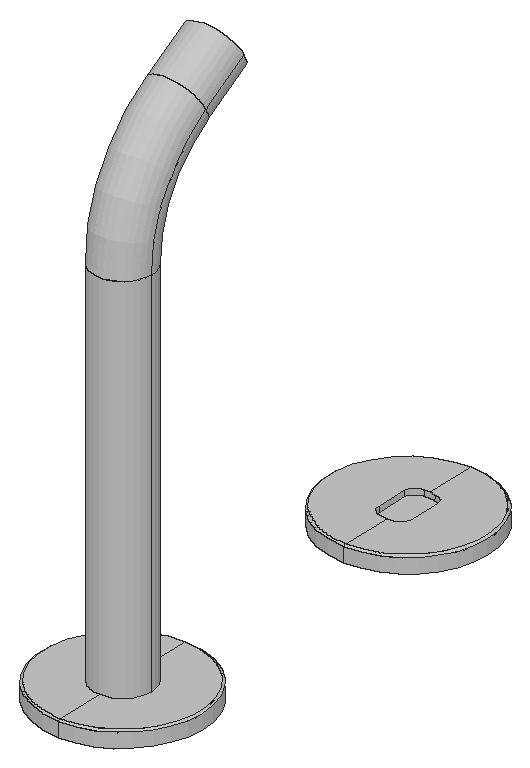
Revit family "TSL.884", category Furniture, host Face, Revit 2019
Family settings
  Host = Face
  OmniClass Number = 23.45.05.14.14
  OmniClass Title = Sinks/Lavatories
  Cut with Voids When Loaded = No
  Shared = No
  Room Calculation Point = No
Parameters (values of type "Satin")
  WarrantyStartDate [instance] = "1900-12-31T23:59:59"  # constant formula
  WarrantyGuarantorParts = "n/a"  # constant formula
  WarrantyGuarantorLabor = "n/a"  # constant formula
  WarrantyDurationUnit = "Year"  # constant formula
  WarrantyDurationParts = "n/a"  # constant formula
  WarrantyDurationLabor = "n/a"  # constant formula
  WarrantyDescription = "n/a"  # constant formula
  Version = "1"
  Uniclass2015Version = "UK_NBS_Uniclass2015_04_18"  # constant formula
  Uniclass2015Title = "Washbasin taps"  # constant formula
  Uniclass2015Code = "Pr_40_20_87_98"  # constant formula
  URL = "https://thesplashlab.com/product/tsl-882-ir-sensor-tap/"
  Type Comments = ""
  TagNumber [instance] = "n/a"  # constant formula
  SustainabilityPerformance = "n/a"  # constant formula
  Size = ""
  Shape = "n/a"  # constant formula
  SerialNumber [instance] = "n/a"  # constant formula
  Model = "TSL-882"  # constant formula
  Manufacturer = "TheSplashLab"  # constant formula
  Keynote = ""
  Revision = "0"
  ReplacementCost = "n/a"  # constant formula
  ProductInformation = ""
  NominalWidth = 16.3 mm
  NominalLength = 45.0 mm
  NominalHeight = 220.0 mm
  Name = "SanitaryEquipment_Lovair_IR-sensor-tap_TSL-884"  # constant formula
  NBSTypeID = "n/a"  # constant formula
  NBSReference = Uniclass2015Code  # "Pr_40_20_87_98"
  NBSOfficeMasterTag = "n/a"  # constant formula
  NBSNote = "n/a"  # constant formula
  NBSDescription = "n/a"  # constant formula
  NBSCertification = ""
  ModelReference = "n/a"  # constant formula
  ModelNumber = "n/a"  # constant formula
  Material = ""
  ManufacturerURL = "https://thesplashlab.com/"
  ManufacturerName = Manufacturer  # "TheSplashLab"
  InstallationDate [instance] = "1900-12-31T23:59:59"  # constant formula
  IfcExportType = ""
  IfcExportAs = ""
  HousingMaterial = Stainless Steel
  Grade = "n/a"  # constant formula
  Finish = ""
  Features = "n/a"  # constant formula
  ExpectedLife = "n/a"  # constant formula
  DurationUnit = "Year"  # constant formula
  Description = ""
  Default Elevation = 1219.2 mm
  Constituents = "n/a"  # constant formula
  Color = ""
  CodePerformance = "n/a"  # constant formula
  Category = NBSReference  # "Pr_40_20_87_98"
  BarCode [instance] = "n/a"  # constant formula
  BIMObjectName = Name  # "SanitaryEquipment_Lovair_IR-sensor-tap_TSL-884"
  Author = "TheSplashLab"  # constant formula
  AssetType = "Fixed"  # constant formula
  AssetIdentifier [instance] = "n/a"  # constant formula
  Assembly Code = "D2010400"
  AccessibilityPerformance = "n/a"  # constant formula
Types (5, lengths in mm): name | HousingMaterial
  Bronze | Brushed Bronze
  Copper | Brushed Copper
  Black | Brushed Black
  Brass | Brushed Brass
  Satin | Stainless Steel
Reference planes
  plane 1 "Center (Front/Back)": y = 0
  plane 2: z = 0
  plane 3 "Center (Left/Right)": x = 0
  plane 4: y = 100
Forms (mm)
  Revolve 1, solid, material "Stainless Steel" <- "HousingMaterial"
    sketch origin (0, 0, 0) x (0, 1, 0) y (0, 0, 1)
      loop
        line (22.5, 0) -> (22.5, 4.029) -> (21.895, 4.536) -> (0, 4.536) -> (0, 0) -> (22.5, 0)
      axis (0, 4.536) -> (0, 0)
    angle from 0 to 360
  Sweep 2, solid, material "Stainless Steel" <- "HousingMaterial"
    path origin (0, 0, 0) x (0, 1, 0) y (0, 0, 1)
      loop
        line (0, 4.536) -> (0, 109.219)
        arc (0, 109.219) -> (5.12, 128.328) -> (19.108, 142.319) r 38.222
        line (19.108, 142.319) -> (32.41, 150)
    profile origin (0, 0, 56.877) x (0, -1, 0) y (1, 0, 0)
      loop
        circle (0, 0) r 8.15
      loop
        circle (0, 0) r 7.337
  Revolve 3, solid, material "Stainless Steel" <- "HousingMaterial"
    sketch origin (0, 100, 0) x (0, 1, 0) y (0, 0, 1)
      loop
        line (22.5, 0) -> (22.5, 4.029) -> (21.895, 4.536) -> (0, 4.536) -> (0, 0) -> (22.5, 0)
      axis (0, 4.536) -> (0, 0)
    angle from 0 to 360
  Extrusion 4, void
    sketch origin (0, 0, 0) x (0.5, 0.866025, 0) y (-0.866025, 0.5, 0)
      loop
        line (88.181, 56.266) -> (80.387, 51.766)
        arc (80.387, 51.766) -> (78.989, 49.944) -> (79.289, 47.668) r 3
        line (79.289, 47.668) -> (80.926, 44.832)
        arc (80.926, 44.832) -> (82.747, 43.435) -> (85.024, 43.734) r 3
        line (85.024, 43.734) -> (92.818, 48.234)
        arc (92.818, 48.234) -> (94.216, 50.056) -> (93.916, 52.332) r 3
        line (93.916, 52.332) -> (92.279, 55.168)
        arc (92.279, 55.168) -> (90.458, 56.565) -> (88.181, 56.266) r 3
    from 3.032 to 6.398
Cuts and joins
  Extrusion 4 cuts Revolve 3
Lines and regions (mm)
  model lines
    curve 1: line (0, 22.5, 0) -> (0, -22.5, 0)
Dimensions and locks
  plane 1 "Center (Front/Back)" to plane 4 = 100.0 mm
  aligned and locked: plane 2 to host face
  aligned and locked: level to host face
